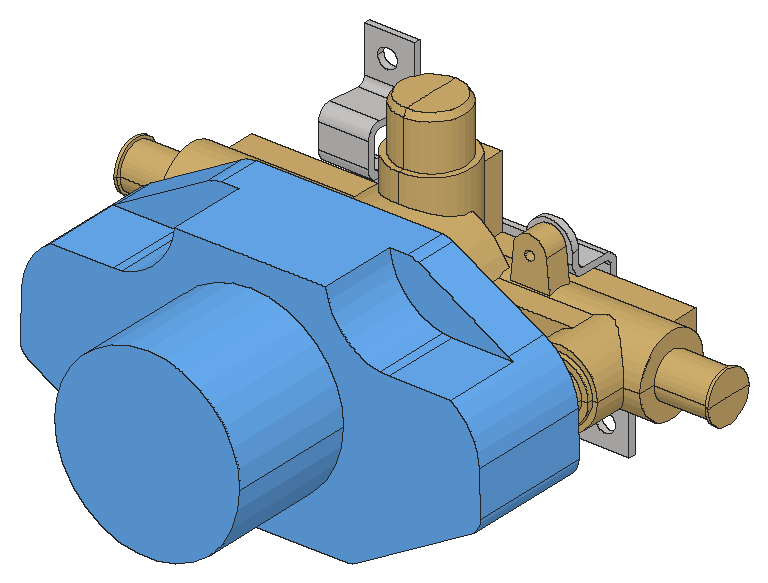
Revit family "Rough_In_Valve-GROHE-Grohsafe-35065001", category Pipe Accessories, Revit 2014
Parameters (values of type "35065001")
  Width = 7 1/8"
  Waste Connection = no
  Warranty Information = "Limited Lifetime Warranty"
  WFU = 4
  Vent Connection = no
  URL = "https://www.grohe.us"
  Tempered Water Connection Diameter = 1/2"
  Product Page URL = "https://www.grohe.us/en_us/universal-pressure-balance-rough-in-valve-35065001.html"
  Price = "Prices may vary. Please consult Manufacturer Representative for most up-to-date price list."  # constant formula
  Model = "35065001"
  Material = "Copper-Grohe-000-Brass"
  Manufacturer = "GROHE"
  Installation Type = "Wall Installation"
  IAPMO Compliance = "cUPC"
  Hot Water Connection Diameter = 1/2"
  Height = 4 1/8"
  HWFU = 3
  HW Connection = yes
  Flow Rate = "(top port) 5.5 gpm at 45 psi (21 l/min), (bottom port) 5.8 gpm at 45 psi (22 l/min)"
  Description = "Grohsafe Universal Pressure Balance Rough-In valve"
  Default Elevation = 0"
  Creation Date = "2017/05/23"  # constant formula
  Cold Water Connection Radius = 1/4"
  Cold Water Connection Diameter = Cold Water Connection Radius * 2  # 1/2"
  CWFU = 2
  CW Connection = yes
  Assembly Code = "D2020"
Reference planes (in)
  plane 1 "Center (Front/Back)": y = 0
  plane 2: z = 0
  plane 3 "Center (Left/Right)": x = 0
  plane 4: z = 1.59375
  plane 5: z = -1.84375
  plane 6: x = -3.65625
  plane 7: x = 3.65625
Forms (in)
  Revolve 1, solid, material "Copper-Grohe-000-Brass"
    sketch origin (0, 0, 0) x (1, 0, 0) y (0, 1, 0)
      loop
        line (-2.87983, 0.26805) -> (-3.52639, 0.26805) -> (-3.52639, 0.30056) -> (-3.56129, 0.30056) -> (-3.56129, 0) -> (3.56519, 0) -> (3.56519, 0.30056) -> (3.53029, 0.30056) -> (3.53029, 0.26805) -> (2.88374, 0.26805) -> (2.88374, 0.46969) -> (-2.87983, 0.46969) -> (-2.87983, 0.26805)
      axis (3.56519, 0) -> (-3.56129, 0)
    angle from 0 to 360
  Revolve 2, solid, material "Copper-Grohe-000-Brass"
    sketch origin (0, 0, 0) x (0, 1, 0) y (0, 0, 1)
      loop
        line (-0.36751, 2.01413) -> (-0.41293, 1.93546) -> (-0.41293, 1.38186) -> (-0.49152, 1.38186) -> (-0.49152, -1.38186) -> (-0.41293, -1.38186) -> (-0.41293, -1.93546) -> (-0.36751, -2.01413)
        arc (-0.36751, -2.01413) -> (-0.37169, -2.06656) -> (-0.32884, -2.09707) r 0.05332
        line (-0.32884, -2.09707) -> (0, -2.09707) -> (0, 2.01413) -> (-0.36751, 2.01413)
      axis (0, 2.01413) -> (0, -2.09707)
    angle from 0 to 360
  Extrusion 3, solid, material "Copper-Grohe-000-Brass"
    sketch origin (0, 0, 0) x (1, 0, 0) y (0, 0, 1)
      loop
        line (2.66787, 0.36072) -> (0.34261, 0.36072) -> (0.34261, 1.23355) -> (-0.34261, 1.23355) -> (-0.34261, 0.36072) -> (-2.66854, 0.36072) -> (-2.66854, -0.34458) -> (-0.34261, -0.34458) -> (-0.34261, -1.23355) -> (0.34261, -1.23355) -> (0.34261, -0.34458) -> (2.66787, -0.34458) -> (2.66787, 0.36072)
    from -0.63942 to -0.03594
  Revolve 4, solid, material "Copper-Grohe-000-Brass"
    sketch origin (0, 0, 0) x (1, 0, 0) y (0, 1, 0)
      loop
        line (-2.61064, -0.90857) -> (-2.52753, -0.90857) -> (-2.52753, -1.08893) -> (-2.49792, -1.10603) -> (-2.45285, -1.10603) -> (-2.39129, -1.14157) -> (-2.39129, -1.2403) -> (-2.22147, -1.2403) -> (-2.22147, 0) -> (-2.67976, 0) -> (-2.67976, -0.84933) -> (-2.61064, -0.84933) -> (-2.61064, -0.90857)
      axis (-2.22147, -1.2403) -> (-2.22147, 0)
    angle from 0 to 360
  Extrusion 5, solid, material "Copper-Grohe-000-Brass"
    sketch origin (0, 0, 0) x (1, 0, 0) y (0, 1, 0)
      loop
        line (-2.22147, -0.48266) -> (2.22147, -0.48266) -> (2.22147, 0) -> (-2.22147, 0) -> (-2.22147, -0.48266)
    from -0.41165 to 0.43914
  Extrusion 6, solid, material "Copper-Grohe-000-Brass"
    sketch origin (0, 0, 0) x (1, 0, 0) y (0, 0, 1)
      loop
        line (1.0315, 0) -> (1.57873, 0) -> (1.50598, 0.83147)
        arc (1.50598, 0.83147) -> (1.30511, 1.01553) -> (1.10424, 0.83147) r 0.20164
        line (1.10424, 0.83147) -> (1.0315, 0)
      loop
        circle (1.30326, 0.78986) r 0.05924
      loop
        line (-1.0315, 0) -> (-1.57873, 0) -> (-1.50598, -0.83147)
        arc (-1.50598, -0.83147) -> (-1.30511, -1.01553) -> (-1.10424, -0.83147) r 0.20164
        line (-1.10424, -0.83147) -> (-1.0315, 0)
      loop
        circle (-1.30326, -0.78986) r 0.05924
    from -0.13676 to 0.14667
  Extrusion 7, solid, material "Copper-Grohe-000-Brass"
    sketch origin (0, 0, 0) x (1, 0, 0) y (0, 0, 1)
      loop
        circle (0, 0) r 1.04162
    from 0 to 1.2403
  Extrusion 8, solid, material "Plastic-GROHE-Blue"
    sketch origin (0, 0, 0) x (1, 0, 0) y (0, 0, 1)
      loop
        arc (-1.10453, 1.4415) -> (-1.19275, 1.42989) -> (-1.27496, 1.39584) r 0.34087
        line (-1.27496, 1.39584) -> (-2.35789, 0.77061)
        arc (-2.35789, 0.77061) -> (-2.62889, 0.51251) -> (-2.75191, 0.15906) r 0.7956
        arc (-2.75191, 0.15906) -> (-2.76924, -0.13193) -> (-2.76441, -0.42339) r 3.834
        arc (-2.76441, -0.42339) -> (-2.73303, -0.524) -> (-2.65758, -0.59759) r 0.21487
        line (-2.65758, -0.59759) -> (-1.296, -1.38645)
        arc (-1.296, -1.38645) -> (-1.19721, -1.42751) -> (-1.09115, -1.44151) r 0.40863
        line (-1.09115, -1.44151) -> (1.10204, -1.44151)
        arc (1.10204, -1.44151) -> (1.19758, -1.42889) -> (1.28657, -1.39192) r 0.36809
        line (1.28657, -1.39192) -> (2.65034, -0.60178)
        arc (2.65034, -0.60178) -> (2.73135, -0.52268) -> (2.76488, -0.41452) r 0.23033
        arc (2.76488, -0.41452) -> (2.7694, -0.14012) -> (2.75428, 0.1339) r 3.834
        arc (2.75428, 0.1339) -> (2.62627, 0.50764) -> (2.34065, 0.78056) r 0.83416
        line (2.34065, 0.78056) -> (1.255, 1.40736)
        arc (1.255, 1.40736) -> (1.19354, 1.43282) -> (1.12757, 1.4415) r 0.25486
        line (1.12757, 1.4415) -> (-1.10453, 1.4415)
    from 1.2403 to 2.70549
  Extrusion 9, solid, material "Plastic-GROHE-Blue"
    sketch origin (0, 0, 0) x (1, 0, 0) y (0, 0, 1)
      loop
        circle (0, 0) r 1.10978
    from 1.56952 to 4.25191
  Extrusion 10, void
    sketch origin (0, 0, -0.03125) x (1, 0, 0) y (0, 0, 1)
      loop
        line (-0.92332, 1.74104) -> (-2.5331, 0.77379) -> (-1.65337, 0.77379)
        arc (-1.65337, 0.77379) -> (-1.59803, 0.77636) -> (-1.54316, 0.78407) r 0.59589
        arc (-1.54316, 0.78407) -> (-1.02811, 1.12969) -> (-0.92332, 1.74104) r 0.7871
      loop
        arc (0.92332, 1.74104) -> (1.02811, 1.12969) -> (1.54316, 0.78407) r 0.7871
        arc (1.54316, 0.78407) -> (1.59803, 0.77636) -> (1.65337, 0.77379) r 0.59589
        line (1.65337, 0.77379) -> (2.5331, 0.77379) -> (0.92332, 1.74104)
    from 1.75834 to 4.27974
  Extrusion 11, solid, material "Metal-Grohe-Stainless Steel"
    sketch origin (0, 0, 0) x (0, 1, 0) y (0, 0, 1)
      loop
        line (1.06607, 1.77717) -> (0.98709, 1.77717) -> (0.98709, 1.2166)
        arc (0.98709, 1.2166) -> (0.95965, 1.15426) -> (0.89515, 1.13236) r 0.08456
        line (0.89515, 1.13236) -> (0.46153, 1.1703)
        arc (0.46153, 1.1703) -> (0.34537, 1.13087) -> (0.29596, 1.01858) r 0.15229
        line (0.29596, 1.01858) -> (0.29596, 0.71479)
        arc (0.29596, 0.71479) -> (0.34338, 0.60031) -> (0.45785, 0.5529) r 0.16189
        line (0.45785, 0.5529) -> (0.62062, 0.5529)
        arc (0.62062, 0.5529) -> (0.68427, 0.52653) -> (0.71064, 0.46288) r 0.09002
        line (0.71064, 0.46288) -> (0.71064, -0.41165)
        arc (0.71064, -0.41165) -> (0.68662, -0.46964) -> (0.62863, -0.49366) r 0.08201
        line (0.62863, -0.49366) -> (0.30351, -0.49366)
        arc (0.30351, -0.49366) -> (0.18647, -0.54214) -> (0.13799, -0.65918) r 0.16552
        line (0.13799, -0.65918) -> (0.13799, -1.10361) -> (0.21698, -1.10361) -> (0.21698, -0.65903)
        arc (0.21698, -0.65903) -> (0.24228, -0.59795) -> (0.30336, -0.57264) r 0.08638
        line (0.30336, -0.57264) -> (0.62928, -0.57264)
        arc (0.62928, -0.57264) -> (0.74266, -0.52568) -> (0.78962, -0.4123) r 0.16034
        line (0.78962, -0.4123) -> (0.78962, 0.46666)
        arc (0.78962, 0.46666) -> (0.74123, 0.58349) -> (0.6244, 0.63188) r 0.16523
        line (0.6244, 0.63188) -> (0.46355, 0.63188)
        arc (0.46355, 0.63188) -> (0.4009, 0.65784) -> (0.37495, 0.72049) r 0.0886
        line (0.37495, 0.72049) -> (0.37495, 1.0005)
        arc (0.37495, 1.0005) -> (0.40411, 1.06676) -> (0.47266, 1.09004) r 0.08988
        line (0.47266, 1.09004) -> (0.88712, 1.05378)
        arc (0.88712, 1.05378) -> (1.01267, 1.09639) -> (1.06607, 1.21775) r 0.1646
        line (1.06607, 1.21775) -> (1.06607, 1.77717)
    from -1.58752 to -0.98823
  Extrusion 12, void
    sketch origin (0, 0, 0) x (1, 0, 0) y (0, 0, 1)
      loop
        circle (-1.3064, 1.49797) r 0.12011
      loop
        arc (-0.95226, -0.38918) -> (-1.01461, -0.4442) -> (-1.02984, -0.52595) r 0.12765
        line (-1.02984, -0.52595) -> (-1.02984, -0.78877)
        arc (-1.02984, -0.78877) -> (-1.30868, -1.06761) -> (-1.58752, -0.78877) r 0.27884
        line (-1.58752, -0.78877) -> (-1.58752, -0.54197) -> (-1.68319, -0.54197) -> (-1.68319, -1.16213) -> (-0.95226, -1.16213) -> (-0.95226, -0.38918)
      loop
        circle (-1.30326, -0.78986) r 0.15672
    from -1.33329 to -0.06554
  Extrusion 13, solid, material "Metal-Grohe-Stainless Steel"
    sketch origin (0, 0, 0) x (0, 1, 0) y (0, 0, -1)
      loop
        line (1.06607, 1.77717) -> (0.98709, 1.77717) -> (0.98709, 1.2166)
        arc (0.98709, 1.2166) -> (0.95965, 1.15426) -> (0.89515, 1.13236) r 0.08456
        line (0.89515, 1.13236) -> (0.46153, 1.1703)
        arc (0.46153, 1.1703) -> (0.34537, 1.13087) -> (0.29596, 1.01858) r 0.15229
        line (0.29596, 1.01858) -> (0.29596, 0.71479)
        arc (0.29596, 0.71479) -> (0.34338, 0.60031) -> (0.45785, 0.5529) r 0.16189
        line (0.45785, 0.5529) -> (0.62062, 0.5529)
        arc (0.62062, 0.5529) -> (0.68427, 0.52653) -> (0.71064, 0.46288) r 0.09002
        line (0.71064, 0.46288) -> (0.71064, -0.41165)
        arc (0.71064, -0.41165) -> (0.68662, -0.46964) -> (0.62863, -0.49366) r 0.08201
        line (0.62863, -0.49366) -> (0.30351, -0.49366)
        arc (0.30351, -0.49366) -> (0.18647, -0.54214) -> (0.13799, -0.65918) r 0.16552
        line (0.13799, -0.65918) -> (0.13799, -1.10361) -> (0.21698, -1.10361) -> (0.21698, -0.65903)
        arc (0.21698, -0.65903) -> (0.24228, -0.59795) -> (0.30336, -0.57264) r 0.08638
        line (0.30336, -0.57264) -> (0.62928, -0.57264)
        arc (0.62928, -0.57264) -> (0.74266, -0.52568) -> (0.78962, -0.4123) r 0.16034
        line (0.78962, -0.4123) -> (0.78962, 0.46666)
        arc (0.78962, 0.46666) -> (0.74123, 0.58349) -> (0.6244, 0.63188) r 0.16523
        line (0.6244, 0.63188) -> (0.46355, 0.63188)
        arc (0.46355, 0.63188) -> (0.4009, 0.65784) -> (0.37495, 0.72049) r 0.0886
        line (0.37495, 0.72049) -> (0.37495, 1.0005)
        arc (0.37495, 1.0005) -> (0.40411, 1.06676) -> (0.47266, 1.09004) r 0.08988
        line (0.47266, 1.09004) -> (0.88712, 1.05378)
        arc (0.88712, 1.05378) -> (1.01267, 1.09639) -> (1.06607, 1.21775) r 0.1646
        line (1.06607, 1.21775) -> (1.06607, 1.77717)
    from -1.58752 to -0.98823
  Extrusion 14, void
    sketch origin (0, 0, 0) x (-1, 0, 0) y (0, 0, -1)
      loop
        circle (-1.3064, 1.49797) r 0.12011
      loop
        arc (-0.95226, -0.38918) -> (-1.01461, -0.4442) -> (-1.02984, -0.52595) r 0.12765
        line (-1.02984, -0.52595) -> (-1.02984, -0.78877)
        arc (-1.02984, -0.78877) -> (-1.30868, -1.06761) -> (-1.58752, -0.78877) r 0.27884
        line (-1.58752, -0.78877) -> (-1.58752, -0.54197) -> (-1.68319, -0.54197) -> (-1.68319, -1.16213) -> (-0.95226, -1.16213) -> (-0.95226, -0.38918)
      loop
        circle (-1.30326, -0.78986) r 0.15672
    from -1.33329 to -0.06554
  Extrusion 15, solid, material "Metal-Grohe-Stainless Steel"
    sketch origin (0, 0, 0) x (1, 0, 0) y (0, 0, 1)
      loop
        line (1.08831, 0.41165) -> (-1.07848, 0.41165) -> (-1.07848, -0.41165) -> (1.08831, -0.41165) -> (1.08831, 0.41165)
    from -0.78962 to -0.71064
  Revolve 16, solid, material "Copper-Grohe-000-Brass"
    sketch origin (0, 0, 0) x (-1, 0, 0) y (0, 1, 0)
      loop
        line (-2.61064, -0.90857) -> (-2.52753, -0.90857) -> (-2.52753, -1.08893) -> (-2.49792, -1.10603) -> (-2.45285, -1.10603) -> (-2.39129, -1.14157) -> (-2.39129, -1.2403) -> (-2.22147, -1.2403) -> (-2.22147, 0) -> (-2.67976, 0) -> (-2.67976, -0.84933) -> (-2.61064, -0.84933) -> (-2.61064, -0.90857)
      axis (-2.22147, -1.2403) -> (-2.22147, 0)
    angle from 0 to 360
Cuts and joins
  Extrusion 10, Extrusion 12 cuts Extrusion 8
  Extrusion 12 cuts Extrusion 9
  joined: Extrusion 8, Extrusion 9
  Extrusion 10 cuts Revolve 1
  Extrusion 10, Extrusion 14 cuts Revolve 2
  Extrusion 10, Extrusion 14 cuts Extrusion 3
  Extrusion 10, Extrusion 14 cuts Extrusion 5
  Extrusion 10, Extrusion 14 cuts Extrusion 6
  Extrusion 12 cuts Extrusion 7
  joined: Revolve 1, Revolve 2, Extrusion 3, Revolve 4, Extrusion 5, Extrusion 6, Extrusion 7, Revolve 16
  Extrusion 12, Extrusion 14 cuts Extrusion 11
  Extrusion 14 cuts Extrusion 13
  joined: Extrusion 11, Extrusion 13, Extrusion 15
Lines and regions (in)
  Masking region 1
    outline origin (0, 0, 0) x (1, 0, 0) y (0, 1, 0)
      loop
        line (-2.77012, -2.70549) -> (-1.10978, -2.70549) -> (-1.10978, -4.25191) -> (1.10978, -4.25191) -> (1.10978, -2.70549) -> (2.77012, -2.70549) -> (2.77012, -1.2403) -> (2.39129, -1.2403) -> (2.39129, -1.14157) -> (2.45285, -1.10603) -> (2.49792, -1.10603) -> (2.52753, -1.08893) -> (2.52753, -0.90857) -> (2.61064, -0.90857) -> (2.61064, -0.84933) -> (2.67976, -0.84933) -> (2.67976, -0.46969) -> (2.88374, -0.46969) -> (2.88374, -0.26805) -> (3.53029, -0.26805) -> (3.53029, -0.30056) -> (3.56519, -0.30056) -> (3.56519, 0.30056) -> (3.53029, 0.30056) -> (3.53029, 0.26805) -> (2.88374, 0.26805) -> (2.88374, 0.46969) -> (2.66854, 0.46969) -> (2.66854, 0.63942) -> (1.58752, 0.63942) -> (1.58752, 1.06607) -> (0.98823, 1.06607) -> (0.98823, 0.78962) -> (-0.98823, 0.78962) -> (-0.98823, 1.06607) -> (-1.58752, 1.06607) -> (-1.58752, 0.63942) -> (-2.66854, 0.63942) -> (-2.66854, 0.46969) -> (-2.87983, 0.46969) -> (-2.87983, 0.26805) -> (-3.52639, 0.26805) -> (-3.52639, 0.30056) -> (-3.56129, 0.30056) -> (-3.56129, -0.30056) -> (-3.52639, -0.30056) -> (-3.52639, -0.26805) -> (-2.87983, -0.26805) -> (-2.87983, -0.46969) -> (-2.67976, -0.46969) -> (-2.67976, -0.84933) -> (-2.61064, -0.84933) -> (-2.61064, -0.90857) -> (-2.52753, -0.90857) -> (-2.52753, -1.08893) -> (-2.49792, -1.10603) -> (-2.45285, -1.10603) -> (-2.39129, -1.14157) -> (-2.39129, -1.2403) -> (-2.77012, -1.2403) -> (-2.77012, -2.70549)
      loop
        line (-2.05165, -1.2403) -> (-1.04162, -1.2403) -> (-1.04162, -0.48266) -> (-1.76318, -0.48266) -> (-1.76318, -0.84933) -> (-1.83229, -0.84933) -> (-1.83229, -0.90857) -> (-1.91541, -0.90857) -> (-1.91541, -1.08893) -> (-1.94502, -1.10603) -> (-1.99009, -1.10603) -> (-2.05165, -1.14157) -> (-2.05165, -1.2403)
      loop
        line (2.05165, -1.2403) -> (2.05165, -1.14157) -> (1.99009, -1.10603) -> (1.94502, -1.10603) -> (1.91541, -1.08893) -> (1.91541, -0.90857) -> (1.83229, -0.90857) -> (1.83229, -0.84933) -> (1.76318, -0.84933) -> (1.76318, -0.48266) -> (1.04162, -0.48266) -> (1.04162, -1.2403) -> (2.05165, -1.2403)
  symbolic lines, style "PlumbingFixtures", detail levels medium+fine
    curve 1: line (-2.39129, -1.2403, 0) -> (-2.05165, -1.2403, 0)
    curve 2: line (-1.04162, -1.2403, 0) -> (1.04162, -1.2403, 0)
    curve 3: line (2.05165, -1.2403, 0) -> (2.39129, -1.2403, 0)
    curve 4: line (-1.10978, -2.70549, 0) -> (1.10978, -2.70549, 0)
    curve 5: circle (0, 0, 0) r 0.49152 normal (0, 0, 1)
    curve 6: line (-1.58752, 0.63942, 0) -> (-0.98823, 0.63942, 0)
    curve 7: line (-0.98823, 0.63942, 0) -> (-0.98823, 0.71064, 0)
    curve 8: line (-0.98823, 0.71064, 0) -> (0.98823, 0.71064, 0)
    curve 9: line (0.98823, 0.30082, 0) -> (0.98823, 0.71064, 0)
    curve 10: line (1.53969, -0.14667, 0) -> (1.07054, -0.14667, 0)
    curve 11: line (1.07054, -0.14667, 0) -> (1.07054, 0.1384, 0)
    curve 12: line (1.07054, 0.1384, 0) -> (1.02984, 0.1384, 0)
    curve 13: line (1.02984, 0.1384, 0) -> (1.02984, 0.30082, 0)
    curve 14: line (1.02984, 0.30082, 0) -> (0.98823, 0.30082, 0)
    curve 15: line (1.53969, -0.14667, 0) -> (1.53969, 0.13764, 0)
    curve 16: line (1.53969, 0.13764, 0) -> (1.58752, 0.13764, 0)
    curve 17: line (1.58752, 0.13764, 0) -> (1.58752, 0.63942, 0)
    curve 18: line (-0.98823, 0.63942, 0) -> (0.98823, 0.63942, 0)
    curve 66: line (-2.87983, 0.26805, 0) -> (-2.87983, -0.26805, 0)
    curve 67: line (2.88374, 0.26805, 0) -> (2.88374, -0.26805, 0)
  symbolic lines, style "PlumbingFixtures", detail levels fine
    curve 19: line (-2.39129, -1.14157, 0) -> (-2.05165, -1.14157, 0)
    curve 20: line (-2.45285, -1.10603, 0) -> (-1.99009, -1.10603, 0)
    curve 21: line (-2.52753, -1.08893, 0) -> (-1.91541, -1.08893, 0)
    curve 22: line (-2.52753, -0.90857, 0) -> (-1.91541, -0.90857, 0)
    curve 23: line (-2.61064, -0.84933, 0) -> (-1.83229, -0.84933, 0)
    curve 24: line (-1.76318, -0.48266, 0) -> (-2.09037, -0.48266, 0)
    curve 25: line (-2.09037, -0.48266, 0) -> (-2.09037, -0.16664, 0)
    curve 26: line (-2.09037, -0.16664, 0) -> (-0.94453, -0.16664, 0)
    curve 28: line (-0.92971, 0, 0) -> (-0.49152, 0, 0)
    curve 29: line (-1.04162, -0.48266, 0) -> (-0.94453, -0.48266, 0)
    curve 30: line (-0.94453, -0.48266, 0) -> (-0.94453, -0.16664, 0)
    curve 31: line (-2.66854, 0.46969, 0) -> (-2.66854, 0.30082, 0)
    curve 32: line (-2.66854, 0.30082, 0) -> (-0.38872, 0.30082, 0)
    curve 33: line (-0.34261, 0.63942, 0) -> (-0.34261, 0.35244, 0)
    curve 34: line (-1.58752, 0.98709, 0) -> (-0.98823, 0.98709, 0)
    curve 35: line (0.98823, 0.98709, 0) -> (1.58752, 0.98709, 0)
    curve 36: line (1.02984, 0.21961, 0) -> (1.58752, 0.21961, 0)
    curve 37: line (1.07054, 0.1384, 0) -> (1.54148, 0.1384, 0)
    curve 40: line (-2.40297, -2.70549, 0) -> (-2.40297, -1.75834, 0)
    curve 41: line (-2.40297, -1.75834, 0) -> (-0.90623, -1.75834, 0)
    curve 42: line (-0.90623, -1.75834, 0) -> (-0.90623, -2.70549, 0)
    curve 43: circle (0, 0, 0) r 0.32884 normal (0, 0, 1)
    curve 44: circle (0, 0, 0) r 0.36751 normal (0, 0, 1)
    curve 45: line (2.39129, -1.14157, 0) -> (2.05165, -1.14157, 0)
    curve 46: line (2.45285, -1.10603, 0) -> (1.99009, -1.10603, 0)
    curve 47: line (2.52753, -1.08893, 0) -> (1.91541, -1.08893, 0)
    curve 48: line (2.52753, -0.90857, 0) -> (1.91541, -0.90857, 0)
    curve 49: line (2.61064, -0.84933, 0) -> (1.83229, -0.84933, 0)
    curve 50: line (1.76318, -0.48266, 0) -> (2.09037, -0.48266, 0)
    curve 51: line (2.09037, -0.48266, 0) -> (2.09037, -0.16664, 0)
    curve 52: line (2.09037, -0.16664, 0) -> (0.94453, -0.16664, 0)
    curve 54: line (0.92971, 0, 0) -> (0.49152, 0, 0)
    curve 55: line (1.04162, -0.48266, 0) -> (0.94453, -0.48266, 0)
    curve 56: line (0.94453, -0.48266, 0) -> (0.94453, -0.16664, 0)
    curve 57: line (2.66854, 0.46969, 0) -> (2.66854, 0.30082, 0)
    curve 58: line (2.66854, 0.30082, 0) -> (1.58752, 0.30082, 0)
    curve 59: line (0.34261, 0.63942, 0) -> (0.34261, 0.35244, 0)
    curve 62: line (0.98823, 0.30082, 0) -> (0.38872, 0.30082, 0)
    curve 63: line (2.40297, -2.70549, 0) -> (2.40297, -1.75834, 0)
    curve 64: line (2.40297, -1.75834, 0) -> (0.90623, -1.75834, 0)
    curve 65: line (0.90623, -1.75834, 0) -> (0.90623, -2.70549, 0)
    curve 68: line (3.53029, 0.26805, 0) -> (3.53029, -0.26805, 0)
    curve 69: line (-3.52639, 0.26805, 0) -> (-3.52639, -0.26805, 0)
  symbolic lines, detail levels fine
    curve 27: arc (-0.94453, -0.16664, 0) -> (-0.93193, -0.08378, 0) -> (-0.92971, 0, 0) r 0.67374
    curve 38: arc (-2.67976, -0.46969, 0) -> (-2.49569, -0.29189, 0) -> (-2.29963, -0.12742, 0) r 3.65237
    curve 39: arc (-2.29963, -0.12742, 0) -> (-2.18614, -0.09979, 0) -> (-2.09037, -0.16664, 0) r 0.14192
    curve 53: arc (0.94453, -0.16664, 0) -> (0.93193, -0.08378, 0) -> (0.92971, 0, 0) r 0.67374
    curve 60: arc (2.67976, -0.46969, 0) -> (2.49569, -0.29189, 0) -> (2.29963, -0.12742, 0) r 3.65237
    curve 61: arc (2.29963, -0.12742, 0) -> (2.18614, -0.09979, 0) -> (2.09037, -0.16664, 0) r 0.14192
Connectors (in)
  piping at (0, 0, 2.01413), diameter 0.5, driven by "Tempered Water Connection Diameter"
    settings: on cut or joined group 1 (Revolve 1, Revolve 2, Extrusion 3, Revolve 4, Extrusion 5, Extrusion 6, Extrusion 7, Extrusion 10, Extrusion 12, Extrusion 14, Revolve 16), index 1, connector inside diameter 24", connector length 0", flow factor 0, pipe flow 0 GPM, pressure drop 0.00 psi, fitting loss kfactor 0, connector angle 0.00°, fixture units 0, engagement length 0", angle of deflection 0.00°, flow configuration 0, flow direction 2, fitting loss method 0, system type 29, joint type 0, gender type 0, connector reference index -1, connector utility 0, adjustable connector no, is connector primary yes, connector description "1/2\" NPT Supply Outlet"
  piping at (0, 0, -2.09707), diameter 0.5, driven by "Tempered Water Connection Diameter"
    settings: on cut or joined group 1, index 4, connector inside diameter 24", connector length 0", flow factor 0, pipe flow 0 GPM, pressure drop 0.00 psi, fitting loss kfactor 0, connector angle 0.00°, fixture units 0, engagement length 0", angle of deflection 0.00°, flow configuration 0, flow direction 2, fitting loss method 0, system type 29, joint type 0, gender type 0, connector reference index -1, connector utility 0, adjustable connector no, is connector primary no, connector description "1/2\" NPT Supply Outlet"
  piping at (3.56519, 0, 0), diameter 0.5, driven by "Cold Water Connection Diameter"
    settings: on cut or joined group 1, index 5, connector inside diameter 24", connector length 0", flow factor 0, pipe flow 0 GPM, pressure drop 0.00 psi, fitting loss kfactor 0, connector angle 0.00°, fixture units 0, engagement length 0", angle of deflection 0.00°, flow configuration 0, flow direction 1, fitting loss method 0, system type 20, joint type 0, gender type 0, connector reference index 6, connector utility 0, adjustable connector no, is connector primary no, connector description "1/2\" NPT CW Inlet"
  piping at (-3.56129, 0, 0), diameter 0.5, driven by "Hot Water Connection Diameter"
    settings: on cut or joined group 1, index 6, connector inside diameter 24", connector length 0", flow factor 0, pipe flow 0 GPM, pressure drop 0.00 psi, fitting loss kfactor 0, connector angle 0.00°, fixture units 0, engagement length 0", angle of deflection 0.00°, flow configuration 0, flow direction 1, fitting loss method 0, system type 19, joint type 0, gender type 0, connector reference index 5, connector utility 0, adjustable connector no, is connector primary no, connector description "1/2\" NPT HW Inlet"
